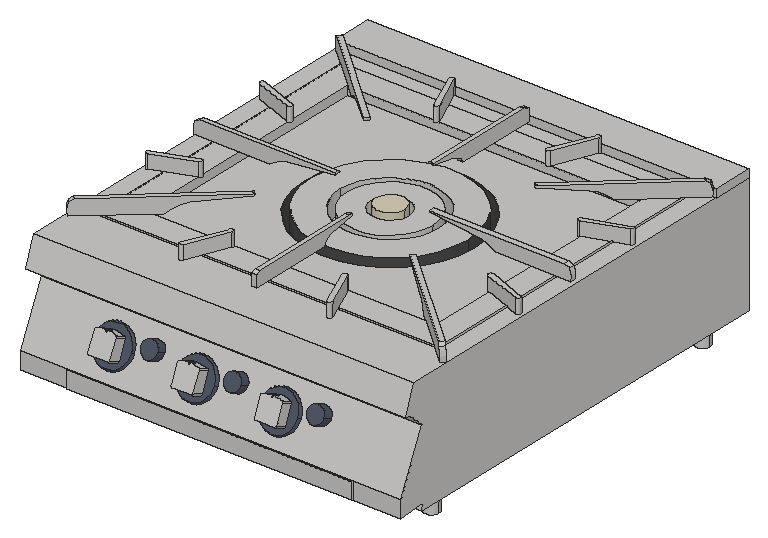
Revit family "QF_ZANUSSI_392024_Z9GCGH3C00", category Specialty Equipment, Revit 2018 (continued)
Automatic sketch dimensions
  curve 24 to plane 13 = 2.835 mm
  curve 27 to curve 24 = 4.603 mm
  plane 12 to curve 4 = 2.835 mm
  curve 5 to curve 4 = 4.603 mm
  plane 15 to curve 26 = 45.786 mm
  curve 26 to curve 26 = 35.431 mm
  curve 5 to curve 6 = 35.431 mm
  curve 25 to curve 25 = 4.603 mm
  curve 7 to curve 7 = 4.603 mm
  plane 15 to curve 24 = 49.694 mm
  curve 25 to curve 24 = 4.603 mm
  plane 12 to curve 4 = 86.306 mm
  curve 7 to curve 4 = 4.603 mm
  curve 64 to plane 7 "Center Y" = 102.253 mm
  curve 148 to curve 149 = 0.809 mm
  curve 152 to curve 152 = 1.583 mm
  curve 149 to curve 150 = 1.846 mm
  curve 149 to curve 163 = 2.189 mm
  curve 148 to curve 151 = 11.892 mm
  curve 152 to curve 154 = 20.417 mm
  curve 153 to plane 7 "Center Y" = 50.869 mm
  curve 153 to curve 162 = 1.738 mm
  curve 154 to curve 155 = 2 mm
  curve 155 to curve 163 = 19.003 mm
  curve 163 to curve 159 = 0.343 mm
  curve 159 to curve 161 = 1.071 mm
  curve 163 to curve 158 = 2.189 mm
  curve 158 to curve 157 = 0.809 mm
  curve 119 to plane 7 "Center Y" = 5 mm
  curve 111 to plane 7 "Center Y" = 5 mm
  plane 8 "Center X" to curve 70 = 2.489 mm
  plane 7 "Center Y" to curve 70 = 100.991 mm
  plane 7 "Center Y" to curve 164 = 102 mm
  curve 164 to curve 165 = 0.809 mm
  curve 168 to curve 168 = 1.583 mm
  curve 165 to curve 166 = 1.846 mm
  curve 165 to curve 179 = 2.189 mm
  curve 164 to curve 167 = 11.892 mm
  curve 80 to curve 10 = 108.964 mm
  plane 15 to curve 22 = 49.694 mm
  curve 99 to curve 22 = 110.214 mm
  curve 10 to curve 11 = 4.603 mm
  curve 21 to curve 21 = 4.603 mm
  plane 12 to curve 8 = 90.214 mm
  curve 11 to curve 8 = 4.603 mm
  curve 168 to curve 171 = 20.417 mm
  curve 166 to curve 169 = 19.134 mm
  plane 15 to curve 20 = 45.786 mm
  curve 21 to curve 20 = 4.603 mm
  curve 169 to curve 178 = 1.738 mm
  curve 170 to curve 172 = 2 mm
  curve 171 to curve 179 = 19.003 mm
  curve 179 to curve 175 = 0.343 mm
  curve 175 to curve 177 = 1.071 mm
  curve 179 to curve 174 = 2.189 mm
  curve 174 to curve 173 = 0.809 mm
  plane 12 to curve 10 = 2.835 mm
  curve 11 to curve 10 = 35.431 mm
  curve 22 to plane 13 = 2.835 mm
  curve 21 to curve 22 = 35.431 mm
  curve 9 to curve 9 = 4.603 mm
  curve 22 to curve 23 = 4.603 mm
  plane 12 to curve 8 = 6.742 mm
  curve 9 to curve 8 = 4.603 mm
  curve 20 to plane 13 = 6.742 mm
  curve 23 to curve 20 = 4.603 mm
  curve 46 to plane 15 = 66.089 mm
  curve 21 to curve 46 = 41.218 mm
  curve 47 to curve 47 = 3.351 mm
  curve 44 to plane 15 = 73.51 mm
  curve 47 to curve 44 = 3.351 mm
  curve 8 to curve 42 = 50.754 mm
  curve 42 to curve 43 = 3.351 mm
  curve 43 to curve 40 = 3.351 mm
  plane 4 "RIGHT" to curve 127 = 100 mm
  plane 4 "RIGHT" to curve 12 = 95.548 mm
  plane 4 "RIGHT" to curve 18 = 95.548 mm
  curve 12 to curve 13 = 1.771 mm
  curve 17 to curve 17 = 1.771 mm
  curve 13 to curve 14 = 1.771 mm
  curve 17 to curve 16 = 1.771 mm
  plane 4 "RIGHT" to curve 83 = 90.326 mm
  plane 15 to curve 78 = 44.719 mm
  plane 4 "RIGHT" to curve 78 = 90.326 mm
  curve 46 to plane 13 = 2.082 mm
  plane 4 "RIGHT" to curve 46 = 12.927 mm
  plane 12 to curve 42 = 0.754 mm
  plane 4 "RIGHT" to curve 42 = 12.716 mm
  plane 4 "RIGHT" to curve 12 = 12.621 mm
  plane 4 "RIGHT" to curve 18 = 12.621 mm
  curve 12 to curve 15 = 1.771 mm
  curve 19 to curve 19 = 1.771 mm
  curve 45 to curve 45 = 3.351 mm
  curve 41 to curve 41 = 3.351 mm
  curve 19 to curve 16 = 1.771 mm
  curve 15 to curve 14 = 1.771 mm
  curve 45 to curve 44 = 3.351 mm
  curve 41 to curve 40 = 3.351 mm
  plane 4 "RIGHT" to curve 71 = 4.698 mm
  curve 146 to curve 162 = 0 mm
  curve 153 to curve 162 = 0 mm
  curve 162 to curve 169 = 0 mm
  curve 169 to curve 178 = 0 mm
  curve 137 to curve 146 = 0 mm
  curve 150 to curve 148 = 1.333 mm
  curve 163 to curve 158 = 1.333 mm
  curve 179 to curve 173 = 1.333 mm
  curve 143 to curve 141 = 1.333 mm
  curve 179 to curve 165 = 1.333 mm
  curve 134 to curve 132 = 1.333 mm
  curve 133 to curve 134 = 2.779 mm
  curve 158 to curve 159 = 2.779 mm
  curve 165 to curve 166 = 2.779 mm
  curve 142 to curve 143 = 2.779 mm
  curve 174 to curve 175 = 2.779 mm
  curve 149 to curve 150 = 2.779 mm
  curve 159 to curve 161 = 14.462 mm
  curve 175 to curve 177 = 14.462 mm
  curve 143 to curve 145 = 14.462 mm
  curve 161 to curve 155 = 1.435 mm
  curve 168 to curve 171 = 1.435 mm
  curve 145 to curve 139 = 1.435 mm
  curve 135 to curve 144 = 0 mm
  curve 151 to curve 160 = 0 mm
  curve 167 to curve 176 = 0 mm
  curve 119 to plane 13 = 4.923 mm
  curve 50 to curve 49 = 3.711 mm
  curve 45 to curve 45 = 3.711 mm
  curve 118 to plane 15 = 51.276 mm
  curve 115 to curve 110 = 0 mm
  curve 18 to plane 15 = 67.81 mm
  curve 28 to plane 15 = 67.81 mm
  curve 31 to curve 31 = 4.676 mm
  curve 19 to curve 19 = 4.676 mm
  curve 28 to curve 28 = 31.407 mm
  curve 19 to curve 18 = 31.407 mm
  curve 29 to curve 29 = 4.676 mm
  curve 17 to curve 17 = 4.676 mm
  curve 110 to curve 116 = 60 mm
  curve 68 to plane 8 "Center X" = 2.511 mm
  plane 8 "Center X" to curve 66 = 2.489 mm
  plane 8 "Center X" to curve 122 = 15.336 mm
  curve 58 to curve 114 = 113.148 mm
  curve 89 to curve 32 = 121.567 mm
  curve 106 to curve 14 = 121.567 mm
  curve 33 to curve 33 = 4.676 mm
  curve 13 to curve 13 = 4.676 mm
  curve 13 to curve 14 = 31.407 mm
  curve 32 to curve 32 = 31.407 mm
  curve 14 to curve 15 = 4.676 mm
  curve 32 to curve 35 = 4.676 mm
  curve 33 to curve 36 = 33.703 mm
  curve 40 to curve 8 = 110.675 mm
  curve 39 to curve 39 = 3.711 mm
  curve 43 to curve 43 = 3.711 mm
  curve 6 to curve 7 = 3.907 mm
  plane 12 to curve 86 = 89.719 mm
  plane 12 to curve 76 = 89.719 mm
  curve 11 to curve 11 = 1.954 mm
  plane 12 to curve 36 = 8.175 mm
  plane 12 to curve 40 = 8.175 mm
  plane 12 to curve 112 = 4.672 mm
  curve 34 to curve 75 = 27.001 mm
  curve 28 to curve 91 = 27.001 mm
  curve 65 to curve 87 = 34.925 mm
  curve 88 to curve 91 = 0 mm
  curve 75 to curve 131 = 10.697 mm
  curve 91 to curve 93 = 11.168 mm
  curve 87 to curve 89 = 55 mm
  curve 29 to curve 90 = 2.617 mm
  curve 72 to curve 85 = 14.919 mm
  curve 92 to curve 95 = 14.919 mm
  curve 135 to curve 132 = 9.809 mm
  curve 136 to curve 136 = 0.284 mm
  curve 145 to curve 145 = 0.284 mm
  curve 141 to curve 144 = 9.809 mm
  curve 121 to curve 65 = 77.747 mm
  curve 121 to curve 126 = 0.716 mm
  curve 62 to curve 123 = 15 mm
  curve 61 to curve 120 = 0.781 mm
  curve 93 to curve 94 = 10.864 mm
  curve 131 to curve 79 = 10.864 mm
  curve 25 to curve 96 = 3.984 mm
  curve 7 to curve 84 = 0.18 mm
  curve 58 to curve 65 = 2.747 mm
  curve 109 to curve 64 = 1.219 mm
  curve 65 to curve 56 = 12.253 mm
  curve 151 to curve 148 = 9.809 mm
  curve 153 to curve 152 = 0.284 mm
  curve 55 to plane 7 "Center Y" = 40.672 mm
  curve 54 to curve 52 = 10 mm
  curve 161 to curve 162 = 0.284 mm
  curve 157 to curve 160 = 9.809 mm
  curve 167 to curve 164 = 9.809 mm
  curve 168 to curve 168 = 0.284 mm
  curve 80 to curve 10 = 0.18 mm
  curve 99 to curve 21 = 3.984 mm
  curve 11 to curve 82 = 0.21 mm
  curve 100 to curve 21 = 0.618 mm
  curve 81 to curve 9 = 13.534 mm
  curve 97 to plane 13 = 36.281 mm
  curve 177 to curve 178 = 0.284 mm
  curve 81 to curve 73 = 10.864 mm
  curve 97 to curve 98 = 10.864 mm
  curve 173 to curve 176 = 9.809 mm
  curve 59 to curve 125 = 59.326 mm
  curve 125 to curve 108 = 0.781 mm
  curve 125 to curve 107 = 15.081 mm
  curve 107 to curve 63 = 0.716 mm
  curve 106 to curve 69 = 85.629 mm
  curve 16 to curve 104 = 1.679 mm
  curve 103 to curve 69 = 35.629 mm
  curve 105 to curve 103 = 0 mm
  curve 101 to curve 19 = 31.247 mm
  curve 77 to curve 101 = 0 mm
  curve 145 to curve 145 = 0.567 mm
  curve 168 to curve 168 = 0.567 mm
  curve 136 to curve 136 = 0.567 mm
  curve 152 to curve 152 = 0.567 mm
  curve 161 to curve 161 = 0.567 mm
  curve 177 to curve 177 = 0.567 mm
  curve 178 to curve 176 = 1.156 mm
  curve 162 to curve 160 = 1.156 mm
  curve 169 to curve 167 = 1.156 mm
  curve 137 to curve 135 = 1.156 mm
  curve 146 to curve 144 = 1.156 mm
  curve 152 to curve 151 = 1.156 mm
  curve 167 to curve 164 = 4.292 mm
  curve 153 to curve 154 = 3.441 mm
  curve 146 to curve 140 = 3.441 mm
  curve 144 to curve 141 = 4.292 mm
  curve 151 to curve 148 = 4.292 mm
  curve 169 to curve 170 = 3.441 mm
  curve 176 to curve 173 = 4.292 mm
  curve 160 to curve 157 = 4.292 mm
  curve 135 to curve 132 = 4.292 mm
  curve 130 to plane 10 = 20.656 mm
  plane 5 "FRONT" to curve 128 = 0 mm
  curve 181 to curve 177 = 8.461 mm
  plane 10 to curve 180 = 0 mm
  plane 5 "FRONT" to curve 182 = 0 mm
  plane 5 "FRONT" to curve 183 = 0 mm
  plane 5 "FRONT" to curve 184 = 0 mm
  plane 10 to curve 138 = 0 mm
  plane 10 to curve 140 = 0 mm
  plane 10 to curve 141 = 0 mm
  plane 10 to curve 144 = 0 mm
  plane 10 to curve 151 = 0 mm
  plane 10 to curve 148 = 0 mm
  plane 10 to curve 154 = 0 mm
  plane 10 to curve 156 = 0 mm
  plane 10 to curve 157 = 0 mm
  plane 10 to curve 160 = 0 mm
  plane 5 "FRONT" to curve 129 = 0 mm
  plane 5 "FRONT" to curve 181 = 0 mm
  plane 10 to curve 132 = 0 mm
  plane 10 to curve 172 = 0 mm
  plane 10 to curve 170 = 0 mm
  plane 10 to curve 135 = 0 mm
  plane 10 to curve 164 = 0 mm
  plane 10 to curve 167 = 0 mm
  plane 10 to curve 176 = 0 mm
  radius of Extrusion 2 sketch curve = 15 mm  (x4)
  radius of Extrusion 10 sketch curve = 30.672 mm
  radius of Extrusion 11 sketch curve = 165 mm
  radius of Extrusion 11 sketch curve = 90 mm
  radius of Extrusion 11 sketch curve = 105 mm
  radius of Extrusion 16 sketch curve = 6.4 mm
  radius of Blend 17 sketch curve = 42.5 mm
  radius of Blend 17 sketch curve = 40.5 mm
  radius of Split face 1 sketch curve = 3 mm
  radius of Split face 6 sketch curve = 1.5 mm
  radius of Split face 7 sketch curve = 2.029 mm
  radius of Split face 8 sketch curve = 3.497 mm
  radius of Extrusion 21 sketch curve = 18 mm
  radius of Extrusion 22 sketch curve = 15 mm
  radius of Blend 23 sketch curve = 42.5 mm
  radius of Blend 23 sketch curve = 40.5 mm
  radius of Split face 9 sketch curve = 3 mm
  radius of Split face 14 sketch curve = 1.5 mm
  radius of Split face 15 sketch curve = 2.029 mm
  radius of Split face 16 sketch curve = 3.497 mm
  radius of Extrusion 27 sketch curve = 18 mm
  radius of Extrusion 28 sketch curve = 15 mm
  radius of Blend 29 sketch curve = 42.5 mm
  radius of Blend 29 sketch curve = 40.5 mm
  radius of Split face 17 sketch curve = 3 mm
  radius of Split face 22 sketch curve = 1.5 mm
  radius of Split face 23 sketch curve = 2.029 mm
  radius of Split face 24 sketch curve = 3.497 mm
  radius of Extrusion 33 sketch curve = 18 mm
  radius of Extrusion 34 sketch curve = 15 mm
Connectors
  piping at (746, -664, 19), diameter 12.8
    settings: on Extrusion 16, index 1, connector inside diameter 0.50394", connector length 0 mm, flow factor 0, pipe flow 0 GPM, pressure drop 0.00 psi, fitting loss kfactor 0, connector angle 0.00°, fixture units 0, engagement length 0 mm, angle of deflection 0.00°, flow configuration 1, flow direction 1, fitting loss method 0, system type 7, joint type 0, gender type 0, connector reference index -1, connector utility 0, adjustable connector no, is connector primary yes, connector description "GAS CONNECTION"
